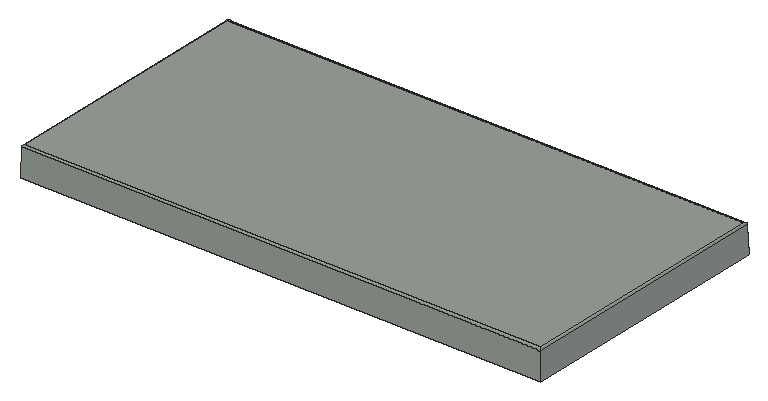
Revit family "77a347f3-3580-4d58-8fab-0e1fa4c0dd4d", category Site, Revit 2016
Family settings
  Part Type = Normal
  Round Connector Dimension = Use Diameter
  OmniClass Number = 23.10.00.00
  OmniClass Title = Site Products
  Work Plane-Based = No
  Always vertical = Yes
  Cut with Voids When Loaded = No
  Shared = No
Parameters (values of type "Standard")
  ecoScorecard data = ""
  ecoScorecard Product Page = ""
  Weight = 100.00 lbf  # constant formula
  Warranty = "5 Year Limited"  # constant formula
  Unit = Concrete - Stepstone - Agave1412
  URL = "stepstoneinc.com"
  Thickness = 2"  # constant formula
  Texture = "Sandblast"  # constant formula
  Technical Information = "http://www.stepstoneinc.com/docs/Stepstone_Product_Data_Sheet-Large_Scale_Narrow_Modular_Paver.pdf"
  Surface Finish = "Integral"  # constant formula
  Subcategory = "CalArc"  # constant formula
  Revit Object Download Link = "http://library.smartbim.com/download/Paver-Large_Scale-Stepstone-CalArc-18X36X2"
  Product Page URL = "http://www.stepstoneinc.com/calarc-pavers.php"
  Product Name = "Large Scale CalArc Paver"  # constant formula
  Product Line = "Pavers"  # constant formula
  Nominal Width = 36"  # constant formula
  Nominal Length = 18"  # constant formula
  Model = "18In x 36In x 2In"  # constant formula
  Material = "Precast Concrete"  # constant formula
  Manufacturer Toll Free Phone = "800.572.9029"  # constant formula
  Manufacturer Phone = "310.327.7474"  # constant formula
  Manufacturer Fax = "310.217.1424"  # constant formula
  Manufacturer Email = "mailto:sales@stepstoneinc.com"
  Manufacturer Address = "13253 S Figueroa St, Los Angeles 90061"  # constant formula
  Manufacturer = "Stepstone, Inc"  # constant formula
  Maintenance URL = ""
  Installation URL = ""
  Description = "Precast Concrete Paver"  # constant formula
  Cost Info = ""
  Color Availability = "Standard & Custom"  # constant formula
  95 CSI = ""
  04 CSI = ""
Reference planes (in)
  plane 1 "Center Front/Back": y = 0
  plane 2: z = 0
  plane 3 "Center Left/Right": x = 0
  plane 4: x = -18
  plane 5: x = 18
  plane 6: y = 9
  plane 7: y = -9
  plane 8: z = 2
Dimensions and locks (in)
  equal spacing: plane 4, plane 3 "Center Left/Right", plane 5
  "Nominal Width": plane 4 to plane 5
  equal spacing: plane 7, plane 1 "Center Front/Back", plane 6
  "Nominal Length": plane 6 to plane 7
  plane 5 to plane 4 = 36"
  plane 6 to plane 7 = 18"
  plane 8 to level = 2"
  aligned and locked: level to plane 2
  aligned and locked: plane 3 "Center Left/Right" to nested 1
  aligned and locked: plane 1 "Center Front/Back" to nested 1
Nested families (in)
  nested 1: "18X36X2" at (0, 0, 0), type "18X36X2"
    with Width 36"
Definition of nested family "18X36X2"
  Parameters
    Width = 18"
    Unit = none
    Thickness = 2"
    Depth = 18"
  Reference planes (in)
    plane 1 "Center (Front/Back)": y = 0
    plane 2: z = 0
    plane 3 "Center (Left/Right)": x = 0
    plane 4: x = -9
    plane 5: x = 9
    plane 6: y = 9
    plane 7: y = -9
    plane 8: z = 2
  Forms (in)
    Sweep 1, solid, material <- "Unit"
      path origin (0, 0, 0) x (1, 0, 0) y (0, 1, 0)
        loop
          line (-8.9375, 8.9375) -> (-8.9375, -8.9375) -> (8.9375, -8.9375) -> (8.9375, 8.9375) -> (-8.9375, 8.9375)
      profile origin (0, 8.9375, 0) x (0, 1, 0) y (0, 0, 1)
        loop
          line (0, 0) -> (-0.0459, 1.87815)
          arc (-0.0459, 1.87815) -> (-0.08353, 1.96449) -> (-0.17076, 2) r 0.1249
          line (-0.17076, 2) -> (-0.27723, 2) -> (-0.27723, 0) -> (0, 0)
    Extrusion 2, solid, material <- "Unit"
      sketch origin (0, 0, 0) x (1, 0, 0) y (0, 1, 0)
        loop
          line (-8.66027, 8.66027) -> (-8.66027, -8.66027) -> (8.66027, -8.66027) -> (8.66027, 8.66027) -> (-8.66027, 8.66027)
      from 0 to 2
  Cuts and joins
    joined: Sweep 1, Extrusion 2
  Lines and regions (in)
    Masking region 1
      outline origin (0, 0, 0) x (1, 0, 0) y (0, 1, 0)
        loop
          line (-8.9375, 8.9375) -> (-8.9375, -8.9375) -> (8.9375, -8.9375) -> (8.9375, 8.9375) -> (-8.9375, 8.9375)
    Masking region 2
      outline origin (0, 0, 0) x (1, 0, 0) y (0, 0, 1)
        loop
          line (-8.89142, 1.88568) -> (-8.9375, 0) -> (8.9375, 0) -> (8.89146, 1.88379)
          arc (8.89146, 1.88379) -> (8.85557, 1.96613) -> (8.77238, 2) r 0.11912
          line (8.77238, 2) -> (-8.77426, 2)
          arc (-8.77426, 2) -> (-8.85611, 1.96668) -> (-8.89142, 1.88568) r 0.11719
    Masking region 3
      outline origin (0, 0, 0) x (0, 1, 0) y (0, 0, 1)
        loop
          line (8.9375, 0) -> (8.89188, 1.86656)
          arc (8.89188, 1.86656) -> (8.85067, 1.96111) -> (8.75514, 2) r 0.13678
          line (8.75514, 2) -> (-8.77272, 2)
          arc (-8.77272, 2) -> (-8.85567, 1.96623) -> (-8.89145, 1.88414) r 0.11876
          line (-8.89145, 1.88414) -> (-8.9375, 0) -> (8.9375, 0)
  Dimensions and locks (in)
    equal spacing: plane 6, plane 1 "Center (Front/Back)", plane 7
    equal spacing: plane 4, plane 3 "Center (Left/Right)", plane 5
    "Width": plane 5 to plane 4
    "Depth": plane 6 to plane 7
    "Thickness": plane 8 to level
    aligned and locked: plane 2 to level
    aligned and locked: plane 8 to Masking region 2
    aligned and locked: Sweep 1 sketch curve to plane 8
  Automatic sketch dimensions
    plane 4 to Sweep 1 sketch curve = 1/16"
    Sweep 1 sketch curve to plane 5 = 1/16"
    plane 7 to Sweep 1 sketch curve = 1/16"
    Sweep 1 sketch curve to plane 6 = 1/16"
    plane 4 to Extrusion 2 sketch curve = 0.33973"
    Extrusion 2 sketch curve to plane 5 = 0.33973"
    plane 7 to Extrusion 2 sketch curve = 0.33973"
    Extrusion 2 sketch curve to plane 6 = 0.33973"
    Sweep 1 sketch curve to level = 0"
    Sweep 1 sketch curve to profile plane = 0"
    profile plane to Sweep 1 sketch curve = 0.0459"
    Sweep 1 sketch curve to Sweep 1 sketch curve = 0.12486"
    Sweep 1 sketch curve to Sweep 1 sketch curve = 0.10647"
    Sweep 1 sketch curve to Sweep 1 sketch curve = 0.00305"
    plane 4 to Masking region 1 sketch curve = 1/16"
    Masking region 1 sketch curve to plane 5 = 1/16"
    plane 7 to Masking region 1 sketch curve = 1/16"
    Masking region 1 sketch curve to plane 6 = 1/16"
    plane 4 to Masking region 2 sketch curve = 1/16"
    plane 4 to Masking region 2 sketch curve = 0.10858"
    Masking region 2 sketch curve to Masking region 2 sketch curve = 0.11715"
    Masking region 2 sketch curve to plane 5 = 0.22762"
    Masking region 2 sketch curve to Masking region 2 sketch curve = 0.11908"
    Masking region 2 sketch curve to plane 5 = 1/16"
    level to Masking region 2 sketch curve = 1 113/128"
    level to Masking region 2 sketch curve = 1.88088"
    Masking region 2 sketch curve to Masking region 2 sketch curve = 0.00286"
    Masking region 2 sketch curve to level = 0"
    plane 7 to Masking region 3 sketch curve = 1/16"
    plane 7 to Masking region 3 sketch curve = 0.10855"
    Masking region 3 sketch curve to Masking region 3 sketch curve = 0.11873"
    Masking region 3 sketch curve to plane 6 = 0.24486"
    Masking region 3 sketch curve to plane 6 = 0.10812"
    Masking region 3 sketch curve to plane 6 = 1/16"
    level to Masking region 3 sketch curve = 1.86322"
    Masking region 3 sketch curve to Masking region 3 sketch curve = 0.00334"
    Masking region 3 sketch curve to Masking region 3 sketch curve = 0.11876"
    Masking region 3 sketch curve to level = 0"
